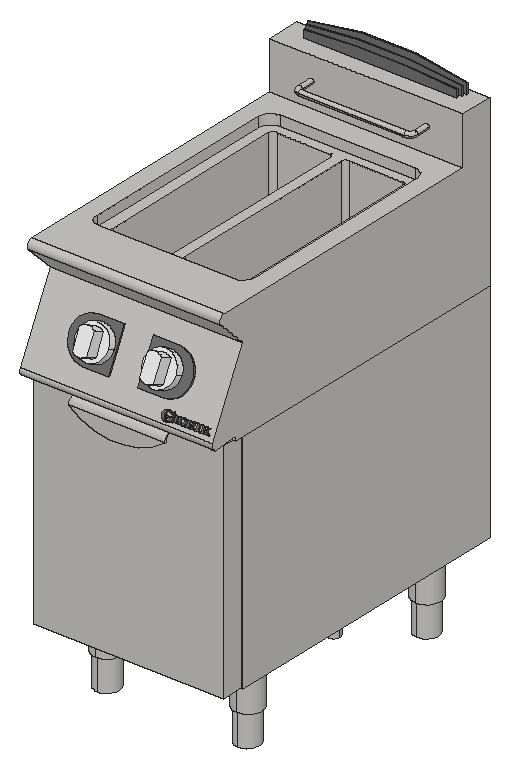
Revit family "QF_GIORIK_FG7207T", category Specialty Equipment, Revit 2014
Parameters (values of type "FG7207T")
  Weight in Pounds = 160.9373
  Watts = 200 W
  Volts = 230 V
  URL Cutsheet = "www.giorik.com"
  URL = "www.giorik.com"
  Status [instance] = ""
  Specification by User [instance] = ""
  Specification by Manufacturer = ""
  Show Logo [instance] = yes
  Show Clearance [instance] = yes
  Serial Number = ""
  Seismic Rating = ""
  SMACNA No = ""
  Revision Code [instance] = ""
  Phase = 1
  Number of Poles [instance] = 1
  NAFEM Spec ID Number = ""
  Model = "FG7207T"
  Min Ckt Ampacity = 0 A
  Mechanical Remarks [instance] = "Natural Gas"
  Mechanical Connection Type [instance] = ""
  Max Overcurrent Protection = 0 A
  Masterspec = ""
  Manufacturer = "GIORIK"
  Item Number [instance] = ""
  Installed By [instance] = ""
  Identify Quantity as Lot [instance] = no
  HP = "0.268204000000"
  Gas Size = 1"
  Gas RI Height [instance] = 0 mm
  Gas KW = 12
  Gas Input = 12000 W
  Gas Connection Height [instance] = 150 mm
  Furnished By [instance] = ""
  Foodservice Equipment Identifier [instance] = yes
  FL Amps = 0 A
  Electrical Remarks [instance] = ""
  Electric Connection Type [instance] = ""
  Elec Conn RI Height [instance] = 0 mm
  Elec Conn Connection Height [instance] = 150 mm
  Description = "8+8 LITRE GAS FRYER."
  Cycle = 50 Hz
  Conn Plug = ""
  Conn Conduit [instance] = no
  CSI MasterFormat = ""
  Assembly Code = "E1090320"
  Apparent Power = 200 VA
Reference planes
  plane 1 "Back": y = 0
  plane 2: z = 0
  plane 3 "Left": x = 0
  plane 4 "Right": x = 400
  plane 5 "Front": y = -720
  plane 6 "Top": z = 900
Forms (mm)
  Extrusion 1, solid, visible <- "Show Logo"
    sketch origin (196.604, -736.761, 609.486) x (-1, 0, 0) y (0, 0.452718, 0.891654)
      loop
        line (-118.824, 58.358) -> (-127.804, 58.358) -> (-125.523, 56.445) -> (-125.523, 48.027) -> (-127.804, 46.113) -> (-118.824, 46.113) -> (-121.105, 48.027) -> (-121.105, 56.445) -> (-118.824, 58.358)
      loop
        line (-163.721, 58.358) -> (-172.7, 58.358) -> (-170.42, 56.445) -> (-170.42, 48.027) -> (-172.7, 46.113) -> (-163.721, 46.113) -> (-166.001, 48.027) -> (-166.001, 56.445) -> (-163.721, 58.358)
      loop
        line (-174.332, 58.358) -> (-183.312, 58.358) -> (-181.031, 56.445) -> (-181.031, 52.435) -> (-186.419, 56.955) -> (-184.416, 58.358) -> (-191.268, 58.358) -> (-188.01, 56.839) -> (-185.455, 54.283) -> (-190.846, 47.858) -> (-193.396, 46.93) -> (-193.396, 46.113) -> (-184.416, 46.113) -> (-185.437, 47.571) -> (-182.443, 51.552) -> (-181.031, 50.894) -> (-181.031, 48.027) -> (-183.312, 46.113) -> (-174.332, 46.113) -> (-176.613, 48.027) -> (-176.613, 56.445) -> (-174.332, 58.358)
      loop
        line (-115.429, 62.063) -> (-115.429, 54.198)
        arc (-115.429, 54.198) -> (-111.618, 57.803) -> (-106.847, 59.986) r 16.039
        arc (-106.847, 59.986) -> (-103.314, 59.837) -> (-100.512, 57.68) r 5.851
        arc (-100.512, 57.68) -> (-98.815, 52.267) -> (-100.512, 46.853) r 9.479
        arc (-100.512, 46.853) -> (-102.406, 44.986) -> (-104.846, 43.93) r 7.236
        arc (-104.846, 43.93) -> (-107.728, 44.111) -> (-110.052, 45.825) r 5.11
        line (-110.052, 45.825) -> (-110.052, 52.001) -> (-116.141, 52.001) -> (-116.141, 45.503) -> (-117.893, 43.751) -> (-114.094, 44.769)
        arc (-114.094, 44.769) -> (-112.56, 44.947) -> (-111.129, 44.366) r 3.115
        arc (-111.129, 44.366) -> (-104.216, 42.091) -> (-97.303, 44.366) r 11.641
        arc (-97.303, 44.366) -> (-93.396, 52.107) -> (-97.303, 59.849) r 9.622
        arc (-97.303, 59.849) -> (-104.369, 62.174) -> (-111.435, 59.849) r 11.898
        line (-111.435, 59.849) -> (-115.429, 62.063)
      loop
        arc (-129.234, 56.068) -> (-135.893, 58.628) -> (-142.552, 56.068) r 9.941
        arc (-142.552, 56.068) -> (-144.234, 52.286) -> (-142.552, 48.505) r 5.093
        arc (-142.552, 48.505) -> (-135.893, 45.945) -> (-129.234, 48.505) r 9.941
        arc (-129.234, 48.505) -> (-127.552, 52.286) -> (-129.234, 56.068) r 5.093
      loop
        arc (-132.628, 54.403) -> (-135.893, 57.668) -> (-139.158, 54.403) r 3.265
        line (-139.158, 54.403) -> (-139.158, 50.169)
        arc (-139.158, 50.169) -> (-135.893, 46.904) -> (-132.628, 50.169) r 3.265
        line (-132.628, 50.169) -> (-132.628, 54.403)
      loop
        arc (-156.363, 58.365) -> (-159.647, 55.081) -> (-156.363, 51.796) r 3.285
        line (-156.363, 51.796) -> (-159.529, 47.306) -> (-162.087, 46.113) -> (-155.847, 46.113) -> (-153.529, 51.083) -> (-150.637, 51.083) -> (-150.637, 47.784) -> (-153.022, 46.113) -> (-144.011, 46.113) -> (-146.094, 47.68) -> (-146.094, 56.493) -> (-144.229, 58.365) -> (-156.363, 58.365)
      loop
        line (-150.637, 57.512) -> (-153.637, 57.512)
        arc (-153.637, 57.512) -> (-156.237, 54.912) -> (-153.637, 52.312) r 2.6
        line (-153.637, 52.312) -> (-150.637, 52.312) -> (-150.637, 57.512)
      loop
        line (-108.924, 52.001) -> (-104.936, 49.005) -> (-100.948, 52.001) -> (-108.924, 52.001)
    from 1.5 to -0.5
  Extrusion 2, solid
    sketch origin (-16, 1025.81, 0) x (1, 0, 0) y (0, 1, 0)
      loop
        line (25, -1086.81) -> (25, -1156.81) -> (115, -1156.81) -> (115, -1086.81) -> (25, -1086.81)
    from 148 to 150
  Extrusion 3, solid
    sketch origin (-14, 0, 130) x (1, 0, 0) y (0, 1, 0)
      loop
        circle (54, -385) r 12.5
    from 0 to 20
  Extrusion 4, solid
    sketch origin (0, 1000, -20) x (0, 1, 0) y (0, 0, 1)
      loop
        line (-1000, 989.988) -> (-1070, 989.988) -> (-1070, 889.988) -> (-1688.806, 889.988)
        arc (-1688.806, 889.988) -> (-1699.151, 883.075) -> (-1696.724, 870.873) r 11.197
        line (-1696.724, 870.873) -> (-1640.876, 815.025) -> (-1718.948, 661.258)
        arc (-1718.948, 661.258) -> (-1718.233, 650.105) -> (-1708.118, 645.354) r 10.981
        line (-1708.118, 645.354) -> (-1660, 649.925) -> (-1660, 640) -> (-1000, 640) -> (-1000, 989.988)
    from 0 to 400
  Extrusion 5, solid
    sketch origin (0, 0, 599.536) x (1, 0, 0) y (0, 1, 0)
      loop
        line (0, -640) -> (40, -640) -> (40, -40) -> (360, -40) -> (360, -640) -> (400, -640) -> (400, 0) -> (0, 0) -> (0, -640)
    from -449.536 to 20.464
  Extrusion 6, solid
    sketch origin (0, 0, 0) x (1, 0, 0) y (0, 1, 0)
      loop
        line (40, -40) -> (40, -640) -> (360, -640) -> (360, -40) -> (40, -40)
    from 150 to 190
  Extrusion 7, solid
    sketch origin (-16, 560.81, 0) x (1, 0, 0) y (0, 1, 0)
      loop
        line (25, -1086.81) -> (25, -1156.81) -> (115, -1156.81) -> (115, -1086.81) -> (25, -1086.81)
    from 148 to 150
  Revolve 8, solid
    sketch origin (54, 560.81, 0) x (0, 1, 0) y (0, 0, 1)
      loop
        line (-1092.56, 66) -> (-1092.56, 148) -> (-1121.81, 148) -> (-1121.81, 0) -> (-1096.81, 0) -> (-1096.81, 66) -> (-1092.56, 66)
      axis (-1121.81, 0) -> (-1121.81, 148)
    angle from 0 to 360
  Revolve 9, solid
    sketch origin (54, 1025.81, 0) x (0, 1, 0) y (0, 0, 1)
      loop
        line (-1092.56, 66) -> (-1092.56, 148) -> (-1121.81, 148) -> (-1121.81, 0) -> (-1096.81, 0) -> (-1096.81, 66) -> (-1092.56, 66)
      axis (-1121.81, 0) -> (-1121.81, 148)
    angle from 0 to 360
  Extrusion 10, solid
    sketch origin (416, 560.81, 0) x (-1, 0, 0) y (0, -1, 0)
      loop
        line (25, 1086.81) -> (115, 1086.81) -> (115, 1156.81) -> (25, 1156.81) -> (25, 1086.81)
    from 148 to 150
  Revolve 11, solid
    sketch origin (346, 560.81, 0) x (0, 1, 0) y (0, 0, -1)
      loop
        line (-1092.56, -66) -> (-1096.81, -66) -> (-1096.81, 0) -> (-1121.81, 0) -> (-1121.81, -148) -> (-1092.56, -148) -> (-1092.56, -66)
      axis (-1121.81, 0) -> (-1121.81, -148)
    angle from 0 to 360
  Extrusion 12, solid
    sketch origin (416, -1217.81, 0) x (-1, 0, 0) y (0, -1, 0)
      loop
        line (25, -1086.81) -> (25, -1156.81) -> (115, -1156.81) -> (115, -1086.81) -> (25, -1086.81)
    from 148 to 150
  Revolve 13, solid
    sketch origin (346, -1217.81, 0) x (0, -1, 0) y (0, 0, 1)
      loop
        line (-1092.56, 66) -> (-1092.56, 148) -> (-1121.81, 148) -> (-1121.81, 0) -> (-1096.81, 0) -> (-1096.81, 66) -> (-1092.56, 66)
      axis (-1121.81, 0) -> (-1121.81, 148)
    angle from 0 to 360
  Extrusion 14, solid
    sketch origin (-293.221, -963.345, 52.363) x (1, 0, 0) y (0, 0.452718, 0.891654)
      loop
        line (463.221, 676.25) -> (463.221, 766.25) -> (409.698, 766.25)
        arc (409.698, 766.25) -> (364.698, 721.25) -> (409.698, 676.25) r 45
        line (409.698, 676.25) -> (463.221, 676.25)
    from 48 to 50
  Extrusion 15, solid
    sketch origin (481.331, -1008.697, 74.959) x (-1, 0, 0) y (0, -0.45351, -0.891251)
      loop
        circle (351.331, -721.346) r 35
    from 0 to 15
  Extrusion 16, solid
    sketch origin (481.331, -1008.697, 74.959) x (-1, 0, 0) y (0, -0.45351, -0.891251)
      loop
        arc (336.331, -743.846) -> (351.331, -748.846) -> (366.331, -743.846) r 25
        line (366.331, -743.846) -> (366.331, -698.846)
        arc (366.331, -698.846) -> (351.331, -693.846) -> (336.331, -698.846) r 25
        line (336.331, -698.846) -> (336.331, -743.846)
    from 15 to 40
  Extrusion 17, solid
    sketch origin (-94, 0, 59.999) x (1, 0, 0) y (0, 0, 1)
      loop
        line (135, 909.989) -> (453, 909.989) -> (453, 925.527) -> (347.056, 931.749) -> (240.944, 931.749) -> (135, 925.527) -> (135, 909.989)
    from 32 to 35
  Extrusion 18, solid
    sketch origin (-92, 10, 59.999) x (1, 0, 0) y (0, 0, 1)
      loop
        line (454, 909.989) -> (454, 928.527) -> (346.162, 939.193) -> (237.838, 939.193) -> (130, 928.527) -> (130, 909.989) -> (454, 909.989)
    from 32 to 35
  Extrusion 19, solid
    sketch origin (-90, 20, 59.999) x (1, 0, 0) y (0, 0, 1)
      loop
        line (455, 909.989) -> (455, 930.527) -> (345.396, 947.413) -> (234.604, 947.413) -> (125, 930.527) -> (125, 909.989) -> (455, 909.989)
    from 32 to 35
  Extrusion 20, void
    sketch origin (0, 0, 819.988) x (0, 1, 0) y (-1, 0, 0)
      loop
        arc (-120, -60) -> (-127.322, -42.322) -> (-145, -35) r 25
        line (-145, -35) -> (-565.002, -35)
        arc (-565.002, -35) -> (-582.68, -42.322) -> (-590.002, -60) r 25
        line (-590.002, -60) -> (-590.002, -340)
        arc (-590.002, -340) -> (-582.68, -357.678) -> (-565.002, -365) r 25
        line (-565.002, -365) -> (-145, -365)
        arc (-145, -365) -> (-127.322, -357.678) -> (-120, -340) r 25
        line (-120, -340) -> (-120, -60)
    from -100 to 50
  Extrusion 21, solid
    sketch origin (0, 0, 900) x (0, 1, 0) y (-1, 0, 0)
      loop
        arc (-120, -60) -> (-127.322, -42.322) -> (-145, -35) r 25
        line (-145, -35) -> (-565.002, -35)
        arc (-565.002, -35) -> (-582.68, -42.322) -> (-590.002, -60) r 25
        line (-590.002, -60) -> (-590.002, -340)
        arc (-590.002, -340) -> (-582.68, -357.678) -> (-565.002, -365) r 25
        line (-565.002, -365) -> (-145, -365)
        arc (-145, -365) -> (-127.322, -357.678) -> (-120, -340) r 25
        line (-120, -340) -> (-120, -60)
      loop
        arc (-140, -70) -> (-142.929, -62.929) -> (-150, -60) r 10
        line (-150, -60) -> (-555.002, -60)
        arc (-555.002, -60) -> (-562.073, -62.929) -> (-565.002, -70) r 10
        line (-565.002, -70) -> (-565.002, -180)
        arc (-565.002, -180) -> (-562.073, -187.071) -> (-555.002, -190) r 10
        line (-555.002, -190) -> (-150, -190)
        arc (-150, -190) -> (-142.929, -187.071) -> (-140, -180) r 10
        line (-140, -180) -> (-140, -70)
      loop
        line (-140, -330) -> (-140, -220)
        arc (-140, -220) -> (-142.929, -212.929) -> (-150, -210) r 10
        line (-150, -210) -> (-555.002, -210)
        arc (-555.002, -210) -> (-562.073, -212.929) -> (-565.002, -220) r 10
        line (-565.002, -220) -> (-565.002, -330)
        arc (-565.002, -330) -> (-562.073, -337.071) -> (-555.002, -340) r 10
        line (-555.002, -340) -> (-150, -340)
        arc (-150, -340) -> (-142.929, -337.071) -> (-140, -330) r 10
    from -180.012 to -50
  Extrusion 22, solid
    sketch origin (693.221, -963.345, 52.363) x (-1, 0, 0) y (0, -0.452718, -0.891654)
      loop
        line (463.221, -676.25) -> (409.698, -676.25)
        arc (409.698, -676.25) -> (364.698, -721.25) -> (409.698, -766.25) r 45
        line (409.698, -766.25) -> (463.221, -766.25) -> (463.221, -676.25)
    from 48 to 50
  Extrusion 23, solid
    sketch origin (-81.331, -1008.697, 74.959) x (1, 0, 0) y (0, 0.45351, 0.891251)
      loop
        circle (351.331, 721.346) r 35
    from 0 to 15
  Extrusion 24, solid
    sketch origin (-81.331, -1008.697, 74.959) x (1, 0, 0) y (0, 0.45351, 0.891251)
      loop
        line (336.331, 743.846) -> (336.331, 698.846)
        arc (336.331, 698.846) -> (351.331, 693.846) -> (366.331, 698.846) r 25
        line (366.331, 698.846) -> (366.331, 743.846)
        arc (366.331, 743.846) -> (351.331, 748.846) -> (336.331, 743.846) r 25
    from 15 to 40
  Extrusion 25, solid
    sketch origin (0, -725, 0) x (1, 0, 0) y (0, 0, 1)
      loop
        line (0, 620) -> (0, 150) -> (395, 150) -> (395, 620) -> (0, 620)
    from -85 to -40
  Extrusion 26, solid
    sketch origin (0, -725, -20.1) x (0, 1, 0) y (0, 0, 1)
      loop
        arc (25, 640.1) -> (14.393, 635.707) -> (10, 625.1) r 15
        line (10, 625.1) -> (12, 625.1)
        arc (12, 625.1) -> (15.808, 634.292) -> (25, 638.1) r 13
        line (25, 638.1) -> (40, 638.1) -> (40, 640.1) -> (25, 640.1)
    from 97.5 to 297.5
  Extrusion 27, solid
    sketch origin (0, -724.905, -20.1) x (1, 0, 0) y (0, 0, 1)
      loop
        arc (97.5, 625.1) -> (197.5, 590.089) -> (297.5, 625.1) r 160.316
        line (297.5, 625.1) -> (97.5, 625.1)
    from -11.905 to -9.905
  Extrusion 28, solid, visible <- "Show Clearance", detail levels coarse
    sketch origin (395, -725, 0) x (-1, 0, 0) y (0, -1, 0)
      loop
        line (0, -40) -> (395, -40)
        arc (395, -40) -> (279.307, 239.307) -> (0, 355) r 395
        line (0, 355) -> (0, -40)
    from 150 to 620
  Extrusion 29, solid
    sketch origin (0, 0, 100) x (0, 1, 0) y (-1, 0, 0)
      loop
        circle (-380, -380) r 12.5
    from 30 to 50
  Sweep 30, solid
    path origin (5, 0, 919.988) x (0, 1, 0) y (-1, 0, 0)
      loop
        line (-70, -80) -> (-100, -80)
        arc (-100, -80) -> (-107.071, -82.929) -> (-110, -90) r 10
        line (-110, -90) -> (-110, -310)
        arc (-110, -310) -> (-107.071, -317.071) -> (-100, -320) r 10
        line (-100, -320) -> (-70, -320)
    profile origin (85, -85, 919.988) x (1, 0, 0) y (0, 0, 1)
      loop
        circle (0, 0) r 5
Cuts and joins
  Extrusion 20 cuts Extrusion 4
Lines and regions (mm)
  symbolic lines, style "200-EquipBorder-2D"
    curve 1: line (0, -720, 0) -> (400, -720, 0)
    curve 2: line (400, -720, 0) -> (400, 0, 0)
    curve 3: line (400, 0, 0) -> (0, 0, 0)
    curve 4: line (0, 0, 0) -> (0, -720, 0)
  symbolic lines, style "200-EquipInternal-2D"
    curve 5: line (35, -12, 900) -> (365, -12, 900)
    curve 6: line (365, -12, 900) -> (365, -15, 900)
    curve 7: line (365, -15, 900) -> (35, -15, 900)
    curve 8: line (35, -15, 900) -> (35, -12, 900)
    curve 9: line (38, -22, 900) -> (362, -22, 900)
    curve 10: line (362, -22, 900) -> (362, -25, 900)
    curve 11: line (362, -25, 900) -> (38, -25, 900)
    curve 12: line (38, -25, 900) -> (38, -22, 900)
    curve 13: line (41, -32, 900) -> (359, -32, 900)
    curve 14: line (359, -32, 900) -> (359, -35, 900)
    curve 15: line (359, -35, 900) -> (41, -35, 900)
    curve 16: line (41, -35, 900) -> (41, -32, 900)
    curve 17: line (340, -120, 900) -> (60, -120, 900)
    curve 18: arc (60, -120, 900) -> (42.322, -127.322, 900) -> (35, -145, 900) r 25
    curve 19: line (35, -145, 900) -> (35, -565, 900)
    curve 20: arc (365, -145, 900) -> (357.678, -127.322, 900) -> (340, -120, 900) r 25
    curve 21: arc (340, -590, 900) -> (356.212, -584.031, 900) -> (364.682, -568.975, 900) r 25
    curve 22: line (60, -590, 900) -> (340, -590, 900)
    curve 23: arc (35, -565, 900) -> (42.322, -582.678, 900) -> (60, -590, 900) r 25
    curve 24: line (365, -565.002, 900) -> (365, -145, 900)
    curve 27: line (70, -140, 900) -> (180, -140, 900)
    curve 28: line (210, -555.002, 900) -> (210, -150, 900)
    curve 29: line (190, -150, 900) -> (190, -555.002, 900)
    curve 30: line (60, -555.002, 900) -> (60, -150, 900)
    curve 31: line (220, -140, 900) -> (330, -140, 900)
    curve 32: line (340, -150, 900) -> (340, -555.002, 900)
    curve 33: line (330, -565.002, 900) -> (220, -565.002, 900)
    curve 34: line (180, -565.002, 900) -> (70, -565.002, 900)
    curve 35: arc (70, -140, 900) -> (62.929, -142.929, 900) -> (60, -150, 900) r 10
    curve 36: arc (180, -140, 900) -> (187.071, -142.929, 900) -> (190, -150, 900) r 10
    curve 37: arc (210, -150, 900) -> (212.929, -142.929, 900) -> (220, -140, 900) r 10
    curve 38: arc (330, -140, 900) -> (337.071, -142.929, 900) -> (340, -150, 900) r 10
    curve 39: arc (60, -555.002, 900) -> (62.929, -562.073, 900) -> (70, -565.002, 900) r 10
    curve 40: arc (180, -565.002, 900) -> (187.071, -562.073, 900) -> (190, -555.002, 900) r 10
    curve 41: arc (340, -555.002, 900) -> (337.071, -562.073, 900) -> (330, -565.002, 900) r 10
    curve 42: arc (220, -565.002, 900) -> (212.929, -562.073, 900) -> (210, -555.002, 900) r 10
    curve 43: line (80, -70, 900) -> (80, -99.667, 900)
    curve 44: line (90, -100, 900) -> (90, -70, 900)
    curve 45: line (94.989, -104.989, 900) -> (315.27, -104.989, 900)
    curve 46: line (320.032, -100.227, 900) -> (320.032, -70, 900)
    curve 47: line (330.032, -70, 900) -> (330.032, -100.301, 900)
    curve 48: line (315.333, -115, 900) -> (95.333, -115, 900)
    curve 49: arc (95.333, -115, 900) -> (84.491, -110.509, 900) -> (80, -99.667, 900) r 15.333
    curve 50: arc (90, -100, 900) -> (91.461, -103.528, 900) -> (94.989, -104.989, 900) r 4.989
    curve 51: arc (315.333, -115, 900) -> (325.727, -110.695, 900) -> (330.032, -100.301, 900) r 14.699
    curve 52: arc (320.032, -100.227, 900) -> (318.637, -103.594, 900) -> (315.27, -104.989, 900) r 4.762
    curve 53: line (90, -70, 900) -> (320.032, -70, 900)
    curve 54: line (0, -70, 900) -> (80, -70, 900)
    curve 55: line (330.032, -70, 900) -> (400, -70, 900)
  symbolic lines, style "QF_Door-Drawer Clearances", visible <- "Show Clearance", detail levels coarse
    curve 25: arc (395, -1080, 0) -> (128.354, -976.419, 0) -> (1.554, -720, 0) r 395
    curve 26: line (395, -720, 0) -> (395, -1080, 0)
Dimensions and locks
  plane 3 "Left" to plane 4 "Right" = 400 mm
  plane 5 "Front" to plane 1 "Back" = 720 mm
  plane 4 "Right" to plane 3 "Left" = 400 mm
  plane 1 "Back" to plane 5 "Front" = 720 mm
  plane 6 "Top" to level = 900 mm  (x2)
  aligned and locked: level to plane 2
Connectors
  electrical at (380, -380, 130), driven by "Apparent Power", driven by "Volts", driven by "Number of Poles"
    settings: on Extrusion 29, index 1, voltage 230 V, apparent load 0 VA, apparent load phase1 200 VA, apparent load phase2 0 VA, apparent load phase3 0 VA, power factor 1, load classification "Other", number of poles 1, system type 31, power factor state 1, is connector primary yes, connector utility no, sub classification motor no, connector description "Electrical connection"
  piping at (40, -385, 130), diameter 25.4, driven by "Gas Size"
    settings: on Extrusion 3, index 2, connector inside diameter 24", connector length 0 mm, flow factor 0, pipe flow 0.0 L/s, pressure drop 0.0 Pa, fitting loss kfactor 0, connector angle 0.00°, fixture units 0, engagement length 0 mm, angle of deflection 0.00°, flow configuration 1, flow direction 1, fitting loss method 0, system type 22, joint type 0, gender type 0, connector reference index -1, connector utility 0, adjustable connector no, is connector primary yes, connector description "Gas inlet"
